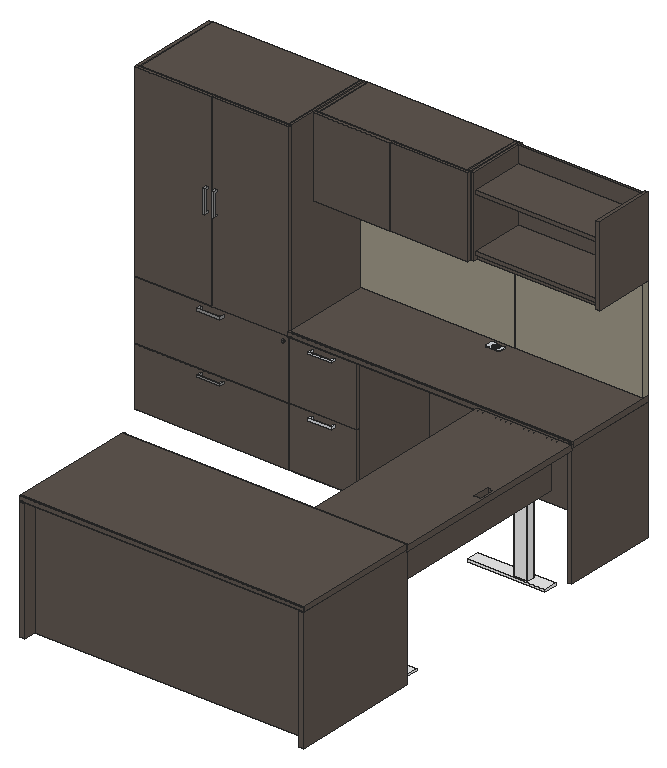
Revit family "T100257", category Furniture, Revit 2015 (continued)
Definition of nested family "OFS ELEMENT OPEN L DESK LEFT AND RIGHT 84in Width 60in Return"
  Reference planes (in)
    plane 34: y = -18.34375
    plane 35: y = -75.21875
    plane 36: x = -40.0625
    plane 37: y = -19.09375
    plane 38: x = -28.0625
    plane 39: z = 34.125
    plane 40: z = 39.75
    plane 41: z = 34.875
    plane 42: y = -61.5625
    plane 43: y = -32.75
    plane 44: x = -28.8125
    plane 45: x = 20
    plane 46: x = 37
    plane 47: y = -19.09375
    plane 48: x = 28.0625
    plane 49: y = -61.5625
    plane 50: y = -32.75
    plane 51: x = 28.8125
    plane 52: x = -39.375
    plane 53: x = -2.625
    plane 54: x = -35.5
    plane 55: x = -6.5
  Forms (in)
    Extrusion 1, solid, material <- "Chassis Material", visible <- "Left Return Desk Option"
      sketch origin (0, 0, 0) x (1, 0, 0) y (0, 1, 0)
        loop
          line (42, 12.84375) -> (0, 12.84375) -> (0, 11.65625) -> (40.8125, 11.65625) -> (40.8125, -17.15625) -> (42, -17.15625) -> (42, 12.84375)
      from 0 to 40.5
    Extrusion 2, solid, material <- "Chassis Material", visible <- "Left Return Desk Option"
      sketch origin (0, 0, 6) x (1, 0, 0) y (0, 1, 0)
        loop
          line (0, 11.65625) -> (0, 3.65625) -> (40.8125, 3.65625) -> (40.8125, 11.65625) -> (0, 11.65625)
      from 33.375 to 34.5
    Extrusion 3, solid, material <- "Transaction Shelf Material", visible <- "Left Return Desk Option"
      sketch origin (0, 0, 6) x (1, 0, 0) y (0, 1, 0)
        loop
          line (0, 17.15625) -> (0, 3.65625) -> (42, 3.65625) -> (42, 17.15625) -> (0, 17.15625)
      from 37.875 to 39
    Extrusion 4, solid, material <- "Standoffs Material", visible <- "Left Return Desk Option"
      sketch origin (44.5, 0, 0) x (1, 0, 0) y (0, 1, 0)
        loop
          circle (-41.875, 10.04085) r 0.625
      from 40.5 to 43.875
    Extrusion 5, solid, material <- "Standoffs Material", visible <- "Left Return Desk Option"
      sketch origin (44.5, -4.75, 0) x (1, 0, 0) y (0, 1, 0)
        loop
          circle (-41.875, 10.04085) r 0.625
      from 40.5 to 43.875
    Extrusion 6, solid, material <- "Standoffs Material", visible <- "Left Return Desk Option"
      sketch origin (66.75, 0, 0) x (1, 0, 0) y (0, 1, 0)
        loop
          circle (-27.375, 10.04085) r 0.625
      from 40.5 to 43.875
    Extrusion 7, solid, material <- "Standoffs Material", visible <- "Left Return Desk Option"
      sketch origin (66.75, -4.75, 0) x (1, 0, 0) y (0, 1, 0)
        loop
          circle (-27.375, 10.04085) r 0.625
      from 40.5 to 43.875
    Extrusion 8, solid, material <- "Chassis Material", visible <- "Left Return Desk Option"
      sketch origin (0, 0, 0) x (1, 0, 0) y (0, 1, 0)
        loop
          line (-42, -17.15625) -> (-42, -77.15625) -> (-20, -77.15625) -> (-20, -75.96875) -> (-40.8125, -75.96875) -> (-40.8125, -18.34375) -> (-20, -18.34375) -> (-20, -17.15625) -> (-42, -17.15625)
      from 0 to 40.5
    Extrusion 9, solid, material <- "Worksurface Material", visible <- "Left Return Desk Option"
      sketch origin (14.83926, -32.43958, 0) x (1, 0, 0) y (0, 1, 0)
        loop
          line (-55.65176, 14.09583) -> (-55.65176, -43.52917) -> (-34.83926, -43.52917) -> (-34.83926, 14.09583) -> (-55.65176, 14.09583)
      from 28.5 to 29.5
    Extrusion 10, solid, material <- "Desk Overlay Material", visible <- "Left Desk Overlay"
      sketch origin (0, 0, 0) x (1, 0, 0) y (0, 0, 1)
        loop
          line (35.5, 34) -> (6.5, 34) -> (6.5, 6.5) -> (35.5, 6.5) -> (35.5, 34)
      from -12.96875 to -12.84375
    Extrusion 11, solid, material <- "Chassis Material", visible <- "Left Return Desk Option"
      sketch origin (-18.5848, -3.95032, 0) x (1, 0, 0) y (0, 1, 0)
        loop
          line (19.7723, 15.60657) -> (18.5848, 15.60657) -> (18.5848, 3.95032) -> (19.7723, 3.95032) -> (19.7723, 15.60657)
      from 0 to 28.5
    Extrusion 12, solid, material <- "Paper Organizer Material", visible <- "Left Return Desk Option"
      sketch origin (0, 0, 0) x (1, 0, 0) y (0, 1, 0)
        loop
          line (-28.0625, -19.09375) -> (-28.0625, -18.34375) -> (-40.8125, -18.34375) -> (-40.8125, -75.96875) -> (-28.0625, -75.96875) -> (-28.0625, -75.21875) -> (-40.0625, -75.21875) -> (-40.0625, -19.09375) -> (-28.0625, -19.09375)
      from 34.125 to 40.5
    Extrusion 13, solid, material <- "Paper Organizer Material", visible <- "Left Return Desk Option"
      sketch origin (0, 0, 0) x (1, 0, 0) y (0, 1, 0)
        loop
          line (-40.8125, -18.34375) -> (-40.8125, -75.96875) -> (-28.0625, -75.96875) -> (-28.0625, -18.34375) -> (-40.8125, -18.34375)
      from 39.75 to 40.5
    Extrusion 14, solid, material <- "Paper Organizer Material", visible <- "Left Return Desk Option"
      sketch origin (0, 0, 0) x (1, 0, 0) y (0, 1, 0)
        loop
          line (-40.8125, -18.34375) -> (-40.8125, -75.96875) -> (-28.0625, -75.96875) -> (-28.0625, -18.34375) -> (-40.8125, -18.34375)
      from 34.125 to 34.875
    Extrusion 15, solid, material <- "Paper Organizer Material", visible <- "Left Return Desk Option"
      sketch origin (0, 0, 0) x (1, 0, 0) y (0, 1, 0)
        loop
          line (-40.0625, -32.625) -> (-40.0625, -32.875) -> (-28.8125, -32.875) -> (-28.8125, -32.625) -> (-40.0625, -32.625)
      from 34.875 to 39.75
    Extrusion 16, solid, material <- "Paper Organizer Material", visible <- "Left Return Desk Option"
      sketch origin (0, -11.40625, 0) x (1, 0, 0) y (0, 1, 0)
        loop
          line (-40.0625, -35.625) -> (-40.0625, -35.875) -> (-28.8125, -35.875) -> (-28.8125, -35.625) -> (-40.0625, -35.625)
      from 34.875 to 39.75
    Extrusion 17, solid, material <- "Paper Organizer Material", visible <- "Left Return Desk Option"
      sketch origin (0, -22.8125, 0) x (1, 0, 0) y (0, 1, 0)
        loop
          line (-40.0625, -38.625) -> (-40.0625, -38.875) -> (-28.8125, -38.875) -> (-28.8125, -38.625) -> (-40.0625, -38.625)
      from 34.875 to 39.75
    Extrusion 18, solid, material <- "Chassis Material", visible <- "Right Return Desk Option"
      sketch origin (0, 0, 0) x (-1, 0, 0) y (0, -1, 0)
        loop
          line (-42, 17.15625) -> (-20, 17.15625) -> (-20, 18.34375) -> (-40.8125, 18.34375) -> (-40.8125, 75.96875) -> (-20, 75.96875) -> (-20, 77.15625) -> (-42, 77.15625) -> (-42, 17.15625)
      from 0 to 40.5
    Extrusion 19, solid, material <- "Worksurface Material", visible <- "Right Return Desk Option"
      sketch origin (-14.83926, -32.43958, 0) x (-1, 0, 0) y (0, -1, 0)
        loop
          line (-55.65176, -14.09583) -> (-34.83926, -14.09583) -> (-34.83926, 43.52917) -> (-55.65176, 43.52917) -> (-55.65176, -14.09583)
      from 28.5 to 29.5
    Extrusion 20, solid, material <- "Paper Organizer Material", visible <- "Right Return Desk Option"
      sketch origin (0, 0, 0) x (-1, 0, 0) y (0, -1, 0)
        loop
          line (-28.0625, 19.09375) -> (-40.0625, 19.09375) -> (-40.0625, 75.21875) -> (-28.0625, 75.21875) -> (-28.0625, 75.96875) -> (-40.8125, 75.96875) -> (-40.8125, 18.34375) -> (-28.0625, 18.34375) -> (-28.0625, 19.09375)
      from 34.125 to 40.5
    Extrusion 21, solid, material <- "Paper Organizer Material", visible <- "Right Return Desk Option"
      sketch origin (0, 0, 0) x (-1, 0, 0) y (0, -1, 0)
        loop
          line (-40.8125, 18.34375) -> (-28.0625, 18.34375) -> (-28.0625, 75.96875) -> (-40.8125, 75.96875) -> (-40.8125, 18.34375)
      from 39.75 to 40.5
    Extrusion 22, solid, material <- "Paper Organizer Material", visible <- "Right Return Desk Option"
      sketch origin (0, 0, 0) x (-1, 0, 0) y (0, -1, 0)
        loop
          line (-40.8125, 18.34375) -> (-28.0625, 18.34375) -> (-28.0625, 75.96875) -> (-40.8125, 75.96875) -> (-40.8125, 18.34375)
      from 34.125 to 34.875
    Extrusion 23, solid, material <- "Paper Organizer Material", visible <- "Right Return Desk Option"
      sketch origin (0, 0, 0) x (-1, 0, 0) y (0, -1, 0)
        loop
          line (-40.0625, 32.625) -> (-28.8125, 32.625) -> (-28.8125, 32.875) -> (-40.0625, 32.875) -> (-40.0625, 32.625)
      from 34.875 to 39.75
    Extrusion 24, solid, material <- "Paper Organizer Material", visible <- "Right Return Desk Option"
      sketch origin (0, -11.40625, 0) x (-1, 0, 0) y (0, -1, 0)
        loop
          line (-40.0625, 35.625) -> (-28.8125, 35.625) -> (-28.8125, 35.875) -> (-40.0625, 35.875) -> (-40.0625, 35.625)
      from 34.875 to 39.75
    Extrusion 25, solid, material <- "Paper Organizer Material", visible <- "Right Return Desk Option"
      sketch origin (0, -22.8125, 0) x (-1, 0, 0) y (0, -1, 0)
        loop
          line (-40.0625, 38.625) -> (-28.8125, 38.625) -> (-28.8125, 38.875) -> (-40.0625, 38.875) -> (-40.0625, 38.625)
      from 34.875 to 39.75
    Extrusion 26, solid, material <- "Worksurface Material", visible <- "Right Return Desk Option"
      sketch origin (0, 0, 0) x (-1, 0, 0) y (0, -1, 0)
        loop
          line (-36, -11.65625) -> (40.8125, -11.65625) -> (40.8125, 17.15625) -> (-42, 17.15625) -> (-42, -5.65625)
          arc (-42, -5.65625) -> (-40.24264, -9.89889) -> (-36, -11.65625) r 6
      from 28.5 to 29.5
    Extrusion 27, solid, material <- "Chassis Material", visible <- "Right Return Desk Option"
      sketch origin (0, 0, 0) x (-1, 0, 0) y (0, -1, 0)
        loop
          line (42, -12.84375) -> (42, 17.15625) -> (40.8125, 17.15625) -> (40.8125, -11.65625) -> (0, -11.65625) -> (0, -12.84375) -> (42, -12.84375)
      from 0 to 40.5
    Extrusion 28, solid, material <- "Transaction Shelf Material", visible <- "Right Return Desk Option"
      sketch origin (0, 0, 6) x (-1, 0, 0) y (0, -1, 0)
        loop
          line (0, -17.15625) -> (42, -17.15625) -> (42, -3.65625) -> (0, -3.65625) -> (0, -17.15625)
      from 37.875 to 39
    Extrusion 29, solid, material <- "Standoffs Material", visible <- "Right Return Desk Option"
      sketch origin (-44.5, 0, 0) x (-1, 0, 0) y (0, -1, 0)
        loop
          circle (-41.875, -10.04085) r 0.625
      from 40.5 to 43.875
    Extrusion 30, solid, material <- "Standoffs Material", visible <- "Right Return Desk Option"
      sketch origin (-44.5, -4.75, 0) x (-1, 0, 0) y (0, -1, 0)
        loop
          circle (-41.875, -10.04085) r 0.625
      from 40.5 to 43.875
    Extrusion 31, solid, material <- "Standoffs Material", visible <- "Right Return Desk Option"
      sketch origin (-66.75, 0, 0) x (-1, 0, 0) y (0, -1, 0)
        loop
          circle (-27.375, -10.04085) r 0.625
      from 40.5 to 43.875
    Extrusion 32, solid, material <- "Standoffs Material", visible <- "Right Return Desk Option"
      sketch origin (-66.75, -4.75, 0) x (-1, 0, 0) y (0, -1, 0)
        loop
          circle (-27.375, -10.04085) r 0.625
      from 40.5 to 43.875
    Extrusion 33, solid, material <- "Chassis Material", visible <- "Right Return Desk Option"
      sketch origin (18.5848, -3.95032, 0) x (-1, 0, 0) y (0, -1, 0)
        loop
          line (19.7723, -15.60657) -> (19.7723, -3.95032) -> (18.5848, -3.95032) -> (18.5848, -15.60657) -> (19.7723, -15.60657)
      from 0 to 28.5
    Extrusion 34, solid, material <- "Chassis Material", visible <- "Right Return Desk Option"
      sketch origin (0, 0, 6) x (-1, 0, 0) y (0, -1, 0)
        loop
          line (0, -11.65625) -> (40.8125, -11.65625) -> (40.8125, -3.65625) -> (0, -3.65625) -> (0, -11.65625)
      from 33.375 to 34.5
    Extrusion 35, solid, material <- "Desk Overlay Material", visible <- "Right Desk Ovelay"
      sketch origin (0, 0, 0) x (-1, 0, 0) y (0, 0, -1)
        loop
          line (35.5, -34) -> (35.5, -6.5) -> (6.5, -6.5) -> (6.5, -34) -> (35.5, -34)
      from -12.96875 to -12.84375
    Extrusion 36, solid, material <- "Worksurface Material", visible <- "Left Return Desk Option"
      sketch origin (0, 0, 0) x (1, 0, 0) y (0, 1, 0)
        loop
          arc (-36, 11.65625) -> (-40.24264, 9.89889) -> (-42, 5.65625) r 6
          line (-42, 5.65625) -> (-42, -17.15625) -> (40.8125, -17.15625) -> (40.8125, 11.65625) -> (-36, 11.65625)
      from 28.5 to 29.5
  Cuts and joins
    joined: Extrusion 12, Extrusion 13, Extrusion 14
    joined: Extrusion 20, Extrusion 21, Extrusion 22
  Dimensions and locks (in)
    equal spacing: plane 7 "Left External", plane 3 "Center Left/Right", plane 5 "Right External"
    "Width": plane 7 "Left External" to plane 5 "Right External"
    equal spacing: plane 6 "Front External", plane 1 "Center Front/Back", plane 4 "Back External"
    "Desk Depth": plane 4 "Back External" to plane 6 "Front External"
    plane 8 "Seat Height" to level = 29 1/2"
    "Height": plane 9 "Height" to level
    "Lateral Board Thickness": plane 7 "Left External" to plane 11
    "Lateral Board Thickness": plane 10 to plane 5 "Right External"
    "Base Depth": plane 12 to plane 6 "Front External"
    "Back Board Thickness": plane 12 to plane 13
    "Table Depth": plane 4 "Back External" to plane 14
    plane 15 to level = 40 1/2"
    "Bottom Board Offset": plane 19 to level
    "Table Supp from Lateral": plane 5 "Right External" to plane 20
    "Table Supp from Lateral": plane 21 to plane 3 "Center Left/Right"
    "Desk Overlay": plane 5 "Right External" to plane 22
    "Desk Overlay": plane 24 to plane 15
    "Desk Overlay": plane 19 to plane 23
    "Desk Overlay Thickness": plane 25 to plane 12
    "Depth": plane 4 "Back External" to plane 26
    "Return Worksurface Width": plane 7 "Left External" to plane 27
    "Return Worksurface Width": plane 28 to plane 5 "Right External"
    "Back Board Thickness": plane 29 to plane 26
    plane 7 "Left External" to plane 30 = 5"
    plane 31 to plane 5 "Right External" = 5"
    equal spacing: plane 34, plane 43, plane 32, plane 42, plane 29
    "Desk Overlay": plane 33 to plane 3 "Center Left/Right"
    "Back Board Thickness": plane 6 "Front External" to plane 34
    "Paper Organizer Board Thickness": plane 34 to plane 37
    "Paper Organizer Board Thickness": plane 11 to plane 36
    "Paper Organizer Board Thickness": plane 35 to plane 29
    "Paper Organizer Depth": plane 11 to plane 38
    "Paper Organizer Clearance": plane 39 to plane 8 "Seat Height"
    "Paper Organizer Board Thickness": plane 15 to plane 40
    "Paper Organizer Board Thickness": plane 41 to plane 39
    "Paper Organizer Board Thickness": plane 44 to plane 38
    "Return Worksurface Width": plane 5 "Right External" to plane 45
    plane 29 to plane 26 = 1 3/16"
    plane 5 "Right External" to plane 46 = 5"
    plane 34 to plane 50 to plane 32 to plane 49 to plane 29 = 14 13/32", 14 13/32", 14 13/32", 14 13/32"
    "Paper Organizer Board Thickness": plane 34 to plane 47
    plane 35 to plane 29 = 3/4"
    "Paper Organizer Depth": plane 10 to plane 48
    "Paper Organizer Board Thickness": plane 51 to plane 48
    "Table Supp from Lateral": plane 53 to plane 3 "Center Left/Right"
    "Table Supp from Lateral": plane 7 "Left External" to plane 52
    locked: plane 7 "Left External" to plane 54 at 6.5
    aligned and locked: level to plane 2
    aligned and locked: Extrusion 1 sketch curve to plane 12
    aligned and locked: plane 5 "Right External" to Extrusion 1 sketch curve
    aligned and locked: Extrusion 1 sketch curve to plane 13
    aligned and locked: Extrusion 1 to plane 19
    aligned and locked: Extrusion 2 to plane 18
    aligned and locked: plane 10 to Extrusion 2
    aligned and locked: Extrusion 2 to plane 13
    aligned and locked: Extrusion 2 to plane 14
    aligned and locked: Extrusion 3 to plane 14
    aligned and locked: Extrusion 3 to plane 4 "Back External"
    aligned and locked: Extrusion 3 to plane 9 "Height"
    aligned and locked: Extrusion 3 to plane 17
    aligned and locked: plane 5 "Right External" to Extrusion 3
    aligned and locked: Extrusion 8 sketch curve to plane 29
    aligned and locked: plane 27 to Extrusion 8 sketch curve
    aligned and locked: plane 26 to Extrusion 8 sketch curve
    aligned and locked: Extrusion 8 sketch curve to plane 6 "Front External"
    aligned and locked: plane 11 to Extrusion 9
    aligned and locked: Extrusion 9 to plane 27
    aligned and locked: Extrusion 9 to plane 29
    aligned and locked: Extrusion 8 to plane 19
    aligned and locked: plane 15 to Extrusion 8
    aligned and locked: Extrusion 3 to plane 3 "Center Left/Right"
    aligned and locked: Extrusion 2 to plane 3 "Center Left/Right"
    aligned and locked: Extrusion 10 to plane 33
    aligned and locked: Extrusion 10 to plane 22
    aligned and locked: Extrusion 8 sketch curve to plane 34
    aligned and locked: Extrusion 9 to Extrusion 8 sketch curve
    aligned and locked: Extrusion 9 to Extrusion 8
    aligned and locked: plane 37 to Extrusion 12 sketch curve
    aligned and locked: plane 36 to Extrusion 12 sketch curve
    aligned and locked: Extrusion 12 sketch curve to plane 35
    aligned and locked: Extrusion 12 sketch curve to Extrusion 8  (x3)
    aligned and locked: plane 38 to Extrusion 12 sketch curve  (x2)
    aligned and locked: plane 15 to Extrusion 12
    aligned and locked: Extrusion 12 to plane 39
    aligned and locked: Extrusion 13 sketch curve to Extrusion 8  (x2)
    aligned and locked: Extrusion 13 sketch curve to Extrusion 12  (x2)
    aligned and locked: Extrusion 13 to plane 40
    aligned and locked: plane 15 to Extrusion 13
    aligned and locked: Extrusion 14 sketch curve to Extrusion 8  (x2)
    aligned and locked: plane 29 to Extrusion 14 sketch curve
    aligned and locked: Extrusion 14 sketch curve to plane 38
    aligned and locked: Extrusion 14 to plane 39
    aligned and locked: plane 41 to Extrusion 14
    aligned and locked: Extrusion 15 to plane 41
    aligned and locked: Extrusion 16 to plane 41
    aligned and locked: Extrusion 17 to plane 41
    aligned and locked: plane 40 to Extrusion 15
    aligned and locked: plane 40 to Extrusion 16
    aligned and locked: plane 40 to Extrusion 17
    aligned and locked: plane 29 to Extrusion 18 sketch curve
    aligned and locked: plane 45 to Extrusion 18 sketch curve
    aligned and locked: Extrusion 18 sketch curve to plane 26
    aligned and locked: plane 45 to Extrusion 19
    aligned and locked: plane 29 to Extrusion 19
    aligned and locked: Extrusion 18 sketch curve to plane 34
    aligned and locked: Extrusion 19 to Extrusion 18 sketch curve
    aligned and locked: Extrusion 18 to Extrusion 19
    aligned and locked: Extrusion 20 sketch curve to plane 47
    aligned and locked: plane 35 to Extrusion 20 sketch curve
    aligned and locked: Extrusion 18 to Extrusion 20 sketch curve
    aligned and locked: Extrusion 20 sketch curve to Extrusion 18  (x2)
    aligned and locked: Extrusion 20 sketch curve to plane 48
    aligned and locked: plane 48 to Extrusion 20 sketch curve
    aligned and locked: Extrusion 21 sketch curve to Extrusion 18  (x2)
    aligned and locked: Extrusion 21 sketch curve to Extrusion 20  (x2)
    aligned and locked: Extrusion 22 sketch curve to Extrusion 18  (x2)
    aligned and locked: Extrusion 22 sketch curve to plane 29
    aligned and locked: plane 48 to Extrusion 22 sketch curve
    aligned and locked: Extrusion 26 to Extrusion 27 sketch curve
    aligned and locked: Extrusion 27 sketch curve to Extrusion 26
    aligned and locked: Extrusion 26 to Extrusion 33
    aligned and locked: plane 55 to Extrusion 35
    aligned and locked: plane 54 to Extrusion 35
  Automatic sketch dimensions
    Extrusion 1 sketch curve to plane 3 "Center Left/Right" = 0"
    plane 6 "Front External" to Extrusion 1 sketch curve = 0"
    Extrusion 1 sketch curve to plane 10 = 0"
    Extrusion 2 sketch curve to plane 3 "Center Left/Right" = 0"
    Extrusion 2 sketch curve to plane 10 = 0"
    Extrusion 2 sketch curve to plane 14 = 0"
    Extrusion 2 sketch curve to plane 13 = 0"
    Extrusion 3 sketch curve to plane 3 "Center Left/Right" = 0"
    Extrusion 3 sketch curve to plane 5 "Right External" = 0"
    Extrusion 3 sketch curve to plane 14 = 0"
    Extrusion 3 sketch curve to plane 4 "Back External" = 0"
    Extrusion 4 sketch curve to plane 21 = 0"
    Extrusion 4 sketch curve to plane 13 = 1.6154"
    Extrusion 5 sketch curve to plane 21 = 0"
    plane 14 to Extrusion 5 sketch curve = 1.6346"
    Extrusion 6 sketch curve to plane 20 = 0"
    Extrusion 6 sketch curve to plane 13 = 1.6154"
    Extrusion 7 sketch curve to plane 20 = 0"
    plane 14 to Extrusion 7 sketch curve = 1.6346"
    Extrusion 8 sketch curve to plane 7 "Left External" = 0"
    Extrusion 8 sketch curve to plane 11 = 0"
    Extrusion 9 sketch curve to plane 11 = 0"
    Extrusion 9 sketch curve to plane 27 = 0"
    Extrusion 9 sketch curve to plane 29 = 0"
    Extrusion 9 sketch curve to plane 34 = 0"
    Extrusion 10 sketch curve to plane 24 = 0"
    Extrusion 10 sketch curve to plane 33 = 0"
    plane 22 to Extrusion 10 sketch curve = 0"
    Extrusion 10 sketch curve to plane 23 = 0"
    Extrusion 11 sketch curve to plane 3 "Center Left/Right" = 0"
    plane 1 "Center Front/Back" to Extrusion 11 sketch curve = 0"
    Extrusion 11 sketch curve to plane 13 = 0"
    Extrusion 11 sketch curve to Extrusion 11 sketch curve = 1 3/16"
    Extrusion 12 sketch curve to plane 37 = 0"
    Extrusion 15 sketch curve to plane 36 = 0"
    Extrusion 15 sketch curve to plane 44 = 0"
    Extrusion 15 sketch curve to plane 43 = 1/8"
    plane 43 to Extrusion 15 sketch curve = 1/8"
    Extrusion 16 sketch curve to plane 36 = 0"
    Extrusion 16 sketch curve to plane 44 = 0"
    Extrusion 16 sketch curve to plane 32 = 1/8"
    plane 32 to Extrusion 16 sketch curve = 1/8"
    Extrusion 17 sketch curve to plane 36 = 0"
    Extrusion 17 sketch curve to plane 44 = 0"
    Extrusion 17 sketch curve to plane 42 = 1/8"
    plane 42 to Extrusion 17 sketch curve = 1/8"
    Extrusion 18 sketch curve to plane 5 "Right External" = 0"
    Extrusion 18 sketch curve to plane 10 = 0"
    Extrusion 18 sketch curve to plane 6 "Front External" = 0"
    Extrusion 19 sketch curve to plane 10 = 0"
    Extrusion 19 sketch curve to plane 28 = 0"
    Extrusion 19 sketch curve to plane 29 = 0"
    plane 34 to Extrusion 19 sketch curve = 0"
    plane 37 to Extrusion 20 sketch curve = 0"
    plane 20 to Extrusion 20 sketch curve = 11/16"
    Extrusion 23 sketch curve to plane 51 = 0"
    plane 43 to Extrusion 23 sketch curve = 1/8"
    Extrusion 23 sketch curve to plane 43 = 1/8"
    plane 20 to Extrusion 23 sketch curve = 11/16"
    Extrusion 24 sketch curve to plane 51 = 0"
    plane 32 to Extrusion 24 sketch curve = 1/8"
    Extrusion 24 sketch curve to plane 32 = 1/8"
    plane 20 to Extrusion 24 sketch curve = 11/16"
    Extrusion 25 sketch curve to plane 51 = 0"
    plane 42 to Extrusion 25 sketch curve = 1/8"
    Extrusion 25 sketch curve to plane 42 = 1/8"
    plane 20 to Extrusion 25 sketch curve = 11/16"
    Extrusion 26 sketch curve to plane 5 "Right External" = 0"
    Extrusion 26 sketch curve to plane 13 = 0"
    Extrusion 26 sketch curve to plane 11 = 0"
    Extrusion 26 sketch curve to plane 6 "Front External" = 0"
    plane 22 to Extrusion 26 sketch curve = 1/2"
    Extrusion 27 sketch curve to plane 3 "Center Left/Right" = 0"
    Extrusion 27 sketch curve to plane 7 "Left External" = 0"
    Extrusion 27 sketch curve to plane 13 = 0"
    Extrusion 27 sketch curve to plane 12 = 0"
    Extrusion 28 sketch curve to plane 3 "Center Left/Right" = 0"
    Extrusion 28 sketch curve to plane 7 "Left External" = 0"
    Extrusion 28 sketch curve to plane 4 "Back External" = 0"
    Extrusion 28 sketch curve to plane 14 = 0"
    Extrusion 29 sketch curve to plane 53 = 0"
    plane 13 to Extrusion 29 sketch curve = 1.6154"
    Extrusion 30 sketch curve to plane 53 = 0"
    Extrusion 30 sketch curve to plane 14 = 1.6346"
    Extrusion 31 sketch curve to plane 52 = 0"
    plane 13 to Extrusion 31 sketch curve = 1.6154"
    Extrusion 32 sketch curve to plane 52 = 0"
    Extrusion 32 sketch curve to plane 14 = 1.6346"
    Extrusion 33 sketch curve to plane 3 "Center Left/Right" = 0"
    plane 1 "Center Front/Back" to Extrusion 33 sketch curve = 0"
    Extrusion 33 sketch curve to plane 13 = 0"
    Extrusion 33 sketch curve to Extrusion 33 sketch curve = 1 3/16"
    Extrusion 34 sketch curve to plane 3 "Center Left/Right" = 0"
    Extrusion 34 sketch curve to plane 11 = 0"
    Extrusion 34 sketch curve to plane 13 = 0"
    Extrusion 34 sketch curve to plane 14 = 0"
    Extrusion 35 sketch curve to plane 24 = 0"
    plane 55 to Extrusion 35 sketch curve = 0"
    Extrusion 35 sketch curve to plane 23 = 0"
    plane 54 to Extrusion 35 sketch curve = 0"
    Extrusion 36 sketch curve to plane 7 "Left External" = 0"
    Extrusion 36 sketch curve to plane 13 = 0"
    Extrusion 36 sketch curve to plane 10 = 0"
    plane 6 "Front External" to Extrusion 36 sketch curve = 0"
    Extrusion 36 sketch curve to plane 54 = 1/2"
    radius of Extrusion 4 sketch curve = 5/8"
    radius of Extrusion 5 sketch curve = 5/8"
    radius of Extrusion 6 sketch curve = 5/8"
    radius of Extrusion 7 sketch curve = 5/8"
    radius of Extrusion 29 sketch curve = 5/8"
    radius of Extrusion 30 sketch curve = 5/8"
    radius of Extrusion 31 sketch curve = 5/8"
    radius of Extrusion 32 sketch curve = 5/8"
Types (3): name | Description
  (no name) | "OFS TYPICAL T100257"
  T100 | "OFS TYPICAL T100"
  T100257 | "OFS TYPICAL T100257"
